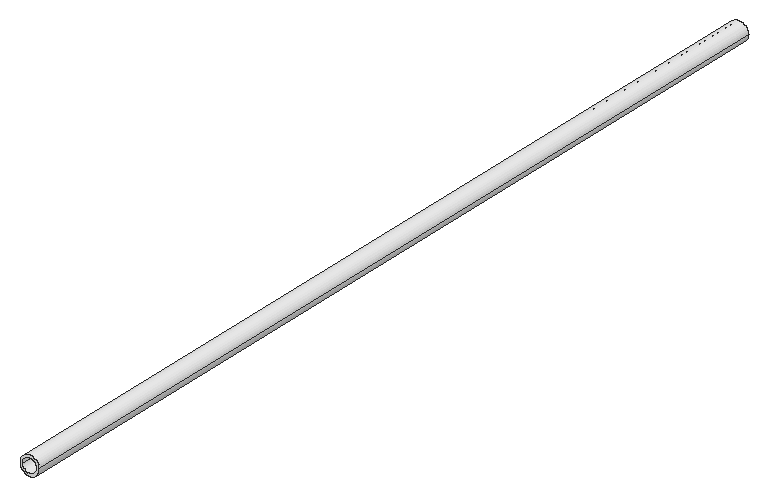
Revit family "111014001021001", category Modelos genéricos, Revit 2018
Family settings
  Puede alojar armadura = No
  Cota de conector redondo = Diámetro de uso
  Tipo de pieza = Normal
  Se basa en plano de trabajo = No
  Siempre vertical = No
  Corte con vacíos al cargar = No
  Compartido = No
  Punto de cálculo de habitación = No
Parameters (values of type "BARRA BANO PP C/ACERO 1" BLANCO TIRA 1.2MT")
  Ventajas = ""
  Uso = "Se instala en los baños para colgar la cortina de las duchas.\r\nEn el caso de ser instalado en el closet, se utiliza para colgar la ropa"
  Unidad = "Tira 1.20 mts."
  URL = "https://www.empresascnp.cl/"
  Num SKUs = "111014001021001"
  Nombre SKU = "BARRA BANO PP C/ACERO 1\" BLANCO TIRA 1.2MT"
  Modelo = "BARRA BANO PP C/ACERO 1\""
  Material = PP con acero blanco
  Url Ficha tecnica = "https://empresascnp.cl/wp-content/uploads//pdf/ficha-tecnica-barra-bano-pp-c-acero-1-blanco-tira-1-2mt.pdf"
  Largo = 1200.00 mm
  Espesor = 0.00 mm
  Empresa = "CNP SPA."
  Dureza = ""
  Dimension = 23.00 mm
  Description = ""
  Contacto = "info@empresascnp.cl"
  Color = "Blanco o Café"
  Aplicacion = "Barra de  cortina para baños y uso en closet."
Reference planes
  plane 1 "Center F/B": y = 0
  plane 2: z = 0
  plane 3 "Center L/R": x = 0
  plane 4: z = 23
  plane 5 "2": y = 600
  plane 6 "3": y = -600
Forms (mm)
  Extrusion 1, solid, material "PP con acero blanco" <- "Material"
    sketch origin (0, 0, 0) x (1, 0, 0) y (0, 0, 1)
      loop
        circle (0, 25.4) r 12.7
      loop
        circle (0, 25.4) r 9.7
    from -600 to 600
Dimensions and locks
  "Dimension": plane 4 to level
  equal spacing: plane 6 "3", plane 1 "Center F/B", plane 5 "2"
  "Largo": plane 6 "3" to plane 5 "2"
  radius of Extrusion 1 sketch curve = 12.70 mm
  aligned and locked: plane 6 "3" to Extrusion 1
  aligned and locked: Extrusion 1 to plane 5 "2"
Automatic sketch dimensions
  Extrusion 1 sketch curve to plane 3 "Center L/R" = 0.00 mm
  level to Extrusion 1 sketch curve = 25.40 mm
  Extrusion 1 sketch curve to Extrusion 1 sketch curve = 0.00 mm  (x2)
  radius of Extrusion 1 sketch curve = 12.70 mm
  radius of Extrusion 1 sketch curve = 9.70 mm
